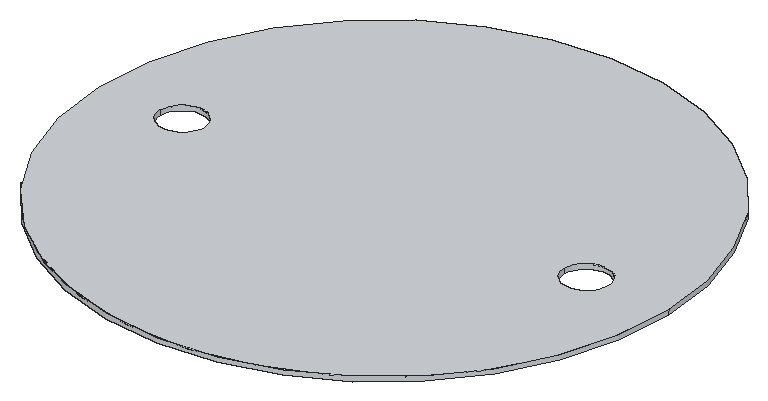
Revit family "BL1G", category Generic Models, Revit 2017
Family settings
  Can host rebar = No
  Round Connector Dimension = Use Diameter
  Part Type = Normal
  Work Plane-Based = Yes
  Always vertical = No
  Cut with Voids When Loaded = No
  Shared = No
  Room Calculation Point = No
Parameters (values of type "NBS Standard Parameters")
  Weight = "0.0151Kg"
  WarrantyStartDate [instance] = "1900-12-31T23:59:59"
  WarrantyGuarantorParts = "n/a"
  WarrantyGuarantorLabor = "n/a"
  WarrantyDurationUnit = "12 months"
  WarrantyDurationParts = "n/a"
  WarrantyDurationLabor = "n/a"
  WarrantyDescription = "n/a"
  Version = "1"
  Uniclass2 = "Pr_65_70_11_20"
  TagNumber [instance] = "n/a"
  SustainabilityPerformance = "n/a"
  Size = "n/a"
  Shape = "Circular"
  SerialNumber [instance] = "n/a"
  Revision = "n/a"
  ReplacementCost = "n/a"
  ProductInformation = "www.metpro.co.uk/pdf/BL1G.pdf"
  NominalWidth = 67 mm
  NominalLength = 67 mm
  NominalHeight = 0.6 mm
  Name = ""
  NBSTypeID = ""
  NBSReference = "90-55-10/460"
  NBSOfficeMasterTag = ""
  NBSNote = ""
  NBSDescription = "Conduit Fittings"
  NBSCertification = ""
  ModelReference = "BL1G"
  ModelNumber = "n/a"
  Material = "Pressed Steel"
  ManufacturerURL = "www.metpro.co.uk"
  ManufacturerName = "Metpro Ltd"
  Keynote = "Compliant to LU Standard 1-085"
  InstallationDate [instance] = "1900-12-31T23:59:59"
  IfcExportType = ""
  IfcExportAs = ""
  Grade = "n/a"
  Finish = "Pre Galvanised"
  Features = "n/a"
  ExpectedLife = "n/a"
  DurationUnit = "year"
  Description = "BL1G/B Circular Box Lid"
  Default Elevation = 1219.2 mm
  Constituents = "n/a"
  Color = "n/a"
  CodePerformance = "n/a"
  Category = "n/a"
  BarCode [instance] = "n/a"
  BIMObjectName = "Metpro_Metprolibrary_Conduitfittings_Metalcomponent_Steelaccessories"
  Author = "Metpro Ltd"
  AssetType = ""
  AssetIdentifier [instance] = "n/a"
  AccessibilityPerformance = "n/a"
Reference planes
  plane 1 "Center (Front/Back)": y = 0
  plane 2: z = 0
  plane 3 "Center (Left/Right)": x = 0
Forms (mm)
  Extrusion 1, solid
    sketch origin (1363.815, 53.763, 801.445) x (-1, 0, 0) y (0, -1, 0)
      loop
        circle (210.356, 19.049) r 35.5
      loop
        circle (235.556, 19.049) r 2.75
      loop
        circle (185.156, 19.049) r 2.75
    from 0 to 0.6
Dimensions and locks
  aligned and locked: level to plane 2
